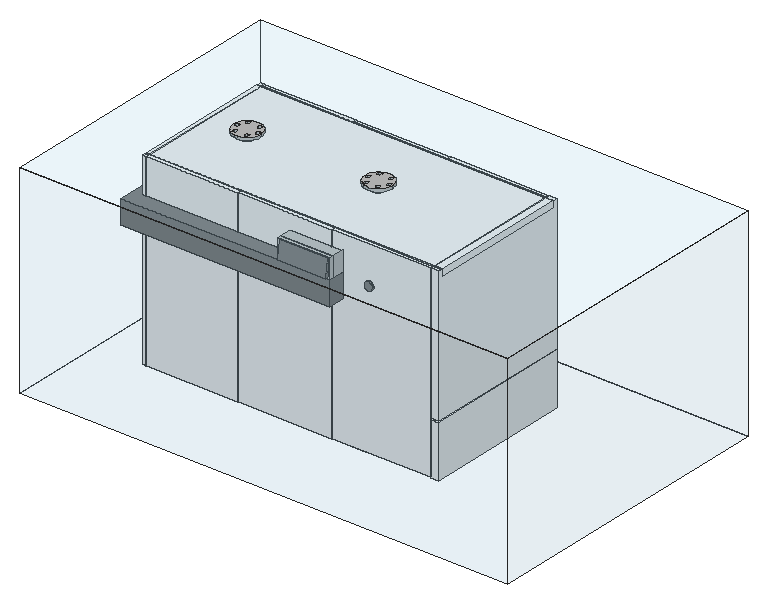
Revit family "VIESSMANN - Vitocrossal 200 CM2", category Wyposażenie mechaniczne, Revit 2017
Family settings
  Wymiar okrągłego złącza = Użyj średnicy
  Typ części = Normalny
  Numer OmniClass = 23.15.30.27.21
  Tytuł OmniClass = Gas Tanks and Gasholders
  Oparty na płaszczyźnie roboczej = Nie
  Zawsze pionowo = Tak
  Tnij formami wycięć po wczytaniu = Tak
  Współdzielony = Nie
  Punkt obliczania pomieszczeń = Nie
Parameters (values of type "CM2 400kW")
  Wysokość = 1480 mm
  Wykonanie palnika = "Wbudowany Modulowany"  # constant formula
  Współczynnik mocy = 1  # constant formula
  Szerokość = 1245 mm
  Strefa serwisowa [instance] = yes
  Odsunięcie spustu = 155 mm
  Wysokość przyłącza spalin = 710 mm
  odsuniecie wyswietlacza = Długość korpusu / 2  # 1082.5 mm
  Odsunięcie powrotu do kotła = 320 mm
  Odsunięcie przyłącza zabezpieczającego = 255 mm
  Odsunięcie RG = 385 mm
  Odsunięcie króćca zasilania = 870 mm
  Napięcie zasilania = 230 V  # constant formula
  Moc cieplna palnika górna = 381 kW
  Moc cieplna palnika dolna = 76 kW
  Liczba biegunów = 1
  Długość = 2230 mm
  Długośc podstawy = 1185 mm
  Długość korpusu = 2165 mm
  Długość całkowita = 2230 mm
  Szerokość całkowita = 1245 mm
  Szerokość podstawy = 910 mm
  Szerokośc korpusu = 1080 mm
  Wysokośc korpusu = 1370 mm
  Wysokośc króćców przyłączeniowych = 1480 mm
  Znamionowe obciążenie cieplne - gaz ziemny = "76 do 381 kW"
  Znamionowe obciążenie cieplne - gaz płynny = "95 do 381 kW"
  Zawór bezpieczeństwa (gwint zewnętrzny) = 1 1/4"  # constant formula
  Zakres znamionowej mocy cieplnej przy Tv/Tr 80/60°C - gaz ziemny = "74 do 370 kW"
  Zakres znamionowej mocy cieplnej przy Tv/Tr 80/60°C - gaz płynny = "93 do 370 kW"
  Zakres znamionowej mocy cieplnej przy Tv/Tr 50/30°C - gaz ziemny = "80 do 400 kW"
  Zakres znamionowej mocy cieplnej przy Tv/Tr 50/30°C - gaz płynny = "100 do 400 kW"
  Wysokość palnika = 540 mm
  Wysokość fundamentu = 100 mm  # constant formula
  Wartości na przyłączu (w odniesieniu do maks. obciążenia) - gaz ziemny GZ41,5/G27 = "9.4 do 46.9 m3/h"
  Wartości na przyłączu (w odniesieniu do maks. obciążenia) - gaz ziemny GZ-50/G20 = "8.1 do 40.4 m3/h"
  Wartości na przyłączu (w odniesieniu do maks. obciążenia) - gaz płynny P/G31 = "7.4 do 29.6 kg/h"
  Viessmann Kolor 3 = Viessmann Kolor 3
  Viessmann Kolor 2 = Viessmann Kolor 2
  Viessmann Kolor 1 = Viessmann Kolor 1
  URL = "https://www.viessmann-projektant.pl/baza-urzadzen/kotly-stojace-sredniej-i-duzej-mocy-70-kw/vitocrossal200cm2"
  Typ palnika = "CM2 - cylindryczny MatriX"  # constant formula
  Szerokość palnika = 565 mm
  Szerokość fundamentu = 1050 mm
  Syfon z odpływem kondensatu = 20.00 mm  # constant formula
  Straty energii dyżurnej qB,70 = "0.3 %"  # constant formula
  Spust = 1"  # constant formula
  Sprawność znormalizowana przy temperaturze w systemie grzewczym wyn. 75/60°C = "do 95 (Hs) %"  # constant formula
  Sprawność znormalizowana przy temperaturze w systemie grzewczym wyn. 50/30°C = "do 98 (Hs) %"  # constant formula
  Przyłącze spalin = 250 mm  # constant formula
  Przyłącze gazu = 1 1/4"
  Przepływ maksymalny = ((Moc nominalna / 20 W) * 0.864 m³/h) / 1000  # 17.28 m³/h
  Producent = "Viessmann Sp.z.o.o."  # constant formula
  Poziom ciśnienia akustycznego - w rurze spalin (obciążenie pełne) = "114 dB(A)"
  Poziom ciśnienia akustycznego - 1m przed kotłem (obciążenie pełne) = "67 dB(A)"  # constant formula
  Pojemność wodna kotła = 402.0 L
  Pobór mocy elektrycznej - przy górnej mocy cieplnej = 576 W
  Pobór mocy elektrycznej - przy dolnej mocy cieplnej = 69 W
  Parametry spalin - przy znamionowej mocy cieplnej (przy temp. wody na powrocie wyn. 60°C) = 75 °C  # constant formula
  Parametry spalin - przy znamionowej mocy cieplnej (przy temp. wody na powrocie wyn. 30°C) = 45 °C  # constant formula
  Parametry spalin - przy obciążeniu częściowym (przy temp. wody na powrocie wyn. 60°C) = 60 °C  # constant formula
  Parametry spalin - przy obciążeniu częściowym (przy temp. wody na powrocie wyn. 30°C) = 35 °C  # constant formula
  Parametry spalin - masowe natężenie przepływu w przypadku gazu ziemnego przy znamionowej mocy cieplnej = "579 kg/h"
  Parametry spalin - masowe natężenie przepływu w przypadku gazu ziemnego przy obciążeniu częściowym = "116 kg/h"
  Parametry spalin - dyspozycyjne ciśnienie tłoczenia na króćcu spalin = 0.00007 MPa  # constant formula
  PN 6 DN - zasilanie z kotła = 100 mm  # constant formula
  PN 6 DN - powrót do kotła = 100 mm  # constant formula
  Opory przepływu = 0.004 MPa
  Opis indeksowy = "CE-0085BQ0021"  # constant formula
  Opis = "Gazowy kocioł grzewczy"  # constant formula
  Numer identyfikacyjny produktu = "CE-0085BQ0021"  # constant formula
  Mufa R1/2 do dodatkowych regulatorów = 1/2"  # constant formula
  Model = "Gazowy kocioł kondensacyjny Viessmann Vitocrossal 200 CM2 400kW / Gas condensing boiler Viessmann Vitocrossal 200 CM2 400kW"
  Moc nominalna = 400 kW
  Masa całkowita = 597.00 kg
  Masa - palnik z armaturą uniwersalną i pokrywą palnika = 34.00 kg
  Masa - korpus kotła = 446.00 kg
  Maks. ciśnienie na przyłączu gazu ziemnego = 0.005 MPa  # constant formula
  Maks. ciśnienie na przyłączu gazu płynnego = 0.00575 MPa  # constant formula
  Długość palnika = 506 mm  # constant formula
  Długość fundamentu = 1300 mm
  Długość całkowita palnika = 990 mm
  Dop. temperatura robocza = 95 °C  # constant formula
  Dop. temperatura na zasilaniu (=temperatura progowa) = 110 °C  # constant formula
  Dop. ciśnienie robocze = 0.6 MPa  # constant formula
  Częstotliwość = 50 Hz  # constant formula
  Ciśnienie na przyłączu gazu ziemnego = 0.002 MPa  # constant formula
  Ciśnienie na przyłączu gazu płynnego = 0.005 MPa  # constant formula
  Ciśnienie kontrolne = 0.78 MPa  # constant formula
  Autor = "https://www.archispace.pl/"
Types (4, lengths in mm): name | Wysokość | Szerokość | Wysokość przyłącza spalin | odsuniecie wyswietlacza | Odsunięcie powrotu do kotła | Odsunięcie przyłącza zabezpieczającego | Odsunięcie RG | Odsunięcie króćca zasilania | Moc cieplna palnika górna | Moc cieplna palnika dolna | Długość | Długośc podstawy | Długość korpusu | Długość całkowita | Szerokość całkowita | Szerokość podstawy | Szerokośc korpusu | Wysokośc korpusu | Wysokośc króćców przyłączeniowych | Znamionowe obciążenie cieplne - gaz ziemny | Znamionowe obciążenie cieplne - gaz płynny | Zakres znamionowej mocy cieplnej przy Tv/Tr 80/60°C - gaz ziemny | Zakres znamionowej mocy cieplnej przy Tv/Tr 80/60°C - gaz płynny | Zakres znamionowej mocy cieplnej przy Tv/Tr 50/30°C - gaz ziemny | Zakres znamionowej mocy cieplnej przy Tv/Tr 50/30°C - gaz płynny | Wysokość palnika | Wartości na przyłączu (w odniesieniu do maks. obciążenia) - gaz ziemny GZ41,5/G27 | Wartości na przyłączu (w odniesieniu do maks. obciążenia) - gaz ziemny GZ-50/G20 | Wartości na przyłączu (w odniesieniu do maks. obciążenia) - gaz płynny P/G31 | Szerokość palnika | Szerokość fundamentu | Przyłącze gazu | Przepływ maksymalny | Poziom ciśnienia akustycznego - w rurze spalin (obciążenie pełne) | Pojemność wodna kotła | Pobór mocy elektrycznej - przy górnej mocy cieplnej | Pobór mocy elektrycznej - przy dolnej mocy cieplnej | Parametry spalin - masowe natężenie przepływu w przypadku gazu ziemnego przy znamionowej mocy cieplnej | Parametry spalin - masowe natężenie przepływu w przypadku gazu ziemnego przy obciążeniu częściowym | Opory przepływu | Model | Moc nominalna | Masa całkowita | Masa - palnik z armaturą uniwersalną i pokrywą palnika | Masa - korpus kotła | Długość fundamentu | Długość całkowita palnika
  (no name) | 1480 | 1245 | 710 | 1082.5 | 320 | 255 | 385 | 870 | 381 kW | 76 kW | 2230 | 1185 | 2165 | 2230 | 1245 | 910 | 1080 | 1370 | 1480 | "76 do 381 kW" | "95 do 381 kW" | "74 do 370 kW" | "93 do 370 kW" | "80 do 400 kW" | "100 do 400 kW" | 540 | "9.4 do 46.9 m3/h" | "8.1 do 40.4 m3/h" | "7.4 do 29.6 kg/h" | 565 | 1050 | 1 1/4" | 17.28 m³/h | "114 dB(A)" | 402.0 L | 576 W | 69 W | "579 kg/h" | "116 kg/h" | 0.004 MPa | "Gazowy kocioł kondensacyjny Viessmann Vitocrossal 200 CM2 400kW / Gas condensing boiler Viessmann Vitocrossal 200 CM2 400kW" | 400 kW | 597.00 kg | 34.00 kg | 446.00 kg | 1300 | 990
  CM2 500kW | 1510 | 1245 | 710 | 1160 | 370 | 310 | 435 | 870 | 474 kW | 95 kW | 2385 | 1345 | 2320 | 2385 | 1245 | 910 | 1080 | 1370 | 1510 | "95 do 474 kW" | "119 do 474 kW" | "92 do 460 kW" | "115 do 460 kW" | "100 do 500 kW" | "125 do 500 kW" | 622 | "11.7 do 58.3 m3/h" | "10.0 do 50.2 m3/h" | "9.2 do 36.8 kg/h" | 620 | 1050 | 1 1/2" | 21.60 m³/h | "107 dB(A)" | 430.0 L | 655 W | 66 W | "720 kg/h" | "144 kg/h" | 0.006 MPa | "Gazowy kocioł kondensacyjny Viessmann Vitocrossal 200 CM2 500kW / Gas condensing boiler Viessmann Vitocrossal 200 CM2 500kW" | 500 kW | 687.00 kg | 41.00 kg | 512.00 kg | 1450 | 990
  CM2 620kW | 1580 | 1295 | 735 | 1227.5 | 415 | 350 | 480 | 880 | 593 kW | 119 kW | 2525 | 1475 | 2455 | 2525 | 1295 | 960 | 1130 | 1510 | 1620 | "119 do 593 kW" | "148 do 593 kW" | "115 do 575 kW" | "144 do 575 kW" | "124 do 620 kW" | "155 do 620 kW" | 622 | "14.6 do 72.9 m3/h" | "12.5 do 62.7 m3/h" | "11.5 do 46.1 kg/h" | 620 | 1100 | 1 1/2" | 26.784 m³/h | "109 dB(A)" | 503.0 L | 835 W | 74 W | "901 kg/h" | "181 kg/h" | 0.01 MPa | "Gazowy kocioł kondensacyjny Viessmann Vitocrossal 200 CM2 620kW / Gas condensing boiler Viessmann Vitocrossal 200 CM2 620kW" | 620 kW | 758.00 kg | 42.00 kg | 581.00 kg | 1600 | 1070
  CM2 400kW | 1480 | 1245 | 710 | 1082.5 | 320 | 255 | 385 | 870 | 381 kW | 76 kW | 2230 | 1185 | 2165 | 2230 | 1245 | 910 | 1080 | 1370 | 1480 | "76 do 381 kW" | "95 do 381 kW" | "74 do 370 kW" | "93 do 370 kW" | "80 do 400 kW" | "100 do 400 kW" | 540 | "9.4 do 46.9 m3/h" | "8.1 do 40.4 m3/h" | "7.4 do 29.6 kg/h" | 565 | 1050 | 1 1/4" | 17.28 m³/h | "114 dB(A)" | 402.0 L | 576 W | 69 W | "579 kg/h" | "116 kg/h" | 0.004 MPa | "Gazowy kocioł kondensacyjny Viessmann Vitocrossal 200 CM2 400kW / Gas condensing boiler Viessmann Vitocrossal 200 CM2 400kW" | 400 kW | 597.00 kg | 34.00 kg | 446.00 kg | 1300 | 990
Reference planes
  plane 1 "Środek (Przód/Tył)": y = 0
  plane 2: z = 0
  plane 3 "Środek (Lewa/Prawa)": x = 0
  plane 4: x = -2165
  plane 5: x = -2230
  plane 6: z = 1430
  plane 7: z = 1480
  plane 8: x = -600
  plane 9: x = -1785
  plane 10: z = 60
  plane 11: x = -870
  plane 12: x = -1255
  plane 13: x = -1510
  plane 14: x = -1830
  plane 15: y = -540
  plane 16: y = 540
  plane 17: y = -455
  plane 18: y = 455
  plane 19: y = -707
  plane 20: x = -702.5
  plane 21: x = -1082.5
  plane 22: z = 710
  plane 23: x = 1000
  plane 24: y = -1157
  plane 25: x = -2565
  plane 26: y = 1040
Forms (mm)
  Extrusion 1, solid, material "Viessmann Kolor 3" <- "Viessmann Kolor 3", detail levels fine
    sketch origin (0, 0, 0) x (1, 0, 0) y (0, 0, 1)
      loop
        line (-600, 60) -> (-1785, 60) -> (-1785, 0) -> (-600, 0) -> (-600, 60)
    from -455 to 455
  Extrusion 2, solid, material "Viessmann Kolor 1" <- "Viessmann Kolor 1", detail levels fine
    sketch origin (0, 0, 0) x (1, 0, 0) y (0, 0, 1)
      loop
        line (0, 1430) -> (-2165, 1430) -> (-2165, 60) -> (0, 60) -> (0, 1430)
    from -540 to 540
  Extrusion 3, solid, material "Viessmann Kolor 2" <- "Viessmann Kolor 2", detail levels medium+fine
    sketch origin (0, 0, 0) x (0, 1, 0) y (0, 0, 1)
      loop
        line (-540, 1320.817) -> (-627, 1320.817) -> (-627, 1180) -> (-540, 1180) -> (-540, 1320.817)
    from -1082.5 to -702.5
  Extrusion 4, solid, material "Viessmann Kolor 2" <- "Viessmann Kolor 2", detail levels fine
    sketch origin (0, 0, 0) x (0, 1, 0) y (0, 0, 1)
      loop
        line (-627, 1320.817) -> (-657, 1320.817) -> (-657, 1180) -> (-627, 1180) -> (-627, 1320.817)
    from -1082.5 to -702.5
  Extrusion 5, solid, material "Viessmann Kolor 3" <- "Viessmann Kolor 3", detail levels fine
    sketch origin (0, 0, 0) x (0, 1, 0) y (0, 0, 1)
      loop
        line (-657, 1318.461) -> (-675.093, 1189.727) -> (-657, 1189.727) -> (-657, 1318.461)
    from -1066.783 to -718.217
  Extrusion 6, solid, material "Viessmann Kolor 3" <- "Viessmann Kolor 3", detail levels medium+fine
    sketch origin (0, 0, 0) x (0, 1, 0) y (0, 0, 1)
      loop
        line (-540, 1175) -> (-657, 1175) -> (-657, 1000) -> (-540, 1000) -> (-540, 1175)
    from -2230 to -702.5
  Extrusion 7, solid, material "Viessmann Kolor 3" <- "Viessmann Kolor 3", detail levels medium+fine
    sketch origin (0, 0, 0) x (0, 1, 0) y (0, 0, 1)
      loop
        line (-657, 1175) -> (-657, 1000) -> (0, 1000) -> (0, 1175) -> (-657, 1175)
    from -2230 to -2165
  Sweep 8, void
    path origin (0, 0, 0) x (1, 0, 0) y (0, 0, 1)
      loop
        line (-340, 1430) -> (-340, 60)
    profile origin (-340, 0, 745) x (0, -1, 0) y (1, 0, 0)
      loop
        line (540, 285.34) -> (515, 285.34) -> (515, 280.34) -> (540, 280.34) -> (540, 285.34)
      loop
        line (-540, 285.34) -> (-540, 280.34) -> (-515, 280.34) -> (-515, 285.34) -> (-540, 285.34)
      loop
        line (540, -434.66) -> (515, -434.66) -> (515, -439.66) -> (540, -439.66) -> (540, -434.66)
      loop
        line (540, -1123.75) -> (515, -1123.75) -> (515, -1128.75) -> (540, -1128.75) -> (540, -1123.75)
      loop
        line (-540, -434.66) -> (-540, -439.66) -> (-515, -439.66) -> (-515, -434.66) -> (-540, -434.66)
      loop
        line (-540, -1794.66) -> (-540, -1799.66) -> (-515, -1799.66) -> (-515, -1794.66) -> (-540, -1794.66)
      loop
        line (540, -1794.66) -> (515, -1794.66) -> (515, -1799.66) -> (540, -1799.66) -> (540, -1794.66)
      loop
        line (-540, -1123.75) -> (-540, -1128.75) -> (-515, -1128.75) -> (-515, -1123.75) -> (-540, -1123.75)
  Sweep 9, void
    path origin (0, 0, 0) x (1, 0, 0) y (0, 1, 0)
      loop
        line (0, 620) -> (-2165, 620)
    profile origin (-1082.5, 620, 0) x (0, -1, 0) y (0, 0, 1)
      loop
        line (105, 1430) -> (105, 1385) -> (115, 1385) -> (115, 1430) -> (105, 1430)
      loop
        line (1135, 1430) -> (1125, 1430) -> (1125, 1385) -> (1135, 1385) -> (1135, 1430)
  Sweep 10, void
    path origin (0, 0, 0) x (0, 1, 0) y (0, 0, 1)
      loop
        line (-515, 1345.021) -> (515, 1345.021)
    profile origin (0, 0, 1345.021) x (0, 0, 1) y (1, 0, 0)
      loop
        line (39.979, 0) -> (34.979, 0) -> (34.979, -15) -> (39.979, -15) -> (39.979, 0)
      loop
        line (39.979, -2150) -> (34.979, -2150) -> (34.979, -2165) -> (39.979, -2165) -> (39.979, -2150)
  Extrusion 11, void
    sketch origin (0, 0, 0) x (0, 1, 0) y (0, 0, 1)
      loop
        line (-540, 448.997) -> (-540, 439.116) -> (540, 439.116) -> (540, 448.997) -> (-540, 448.997)
    from -59.66 to 0
  Extrusion 12, solid, material "Viessmann Kolor 2" <- "Viessmann Kolor 2"
    sketch origin (0, 0, 0) x (0, 1, 0) y (0, 0, 1)
      loop
        circle (0, 710) r 125
    from -2230 to -2165
  Extrusion 13, solid, material "Viessmann Kolor 2" <- "Viessmann Kolor 2", detail levels medium+fine
    sketch origin (0, 0, 0) x (0, 1, 0) y (0, 0, 1)
      loop
        circle (0, 710) r 140
    from -2230 to -2207.468
  Extrusion 14, solid, not visible
    sketch origin (0, 0, 0) x (0, 1, 0) y (0, 0, 1)
      loop
        circle (0, 230) r 10
      loop
        circle (-100, 155) r 12.7
    from -2165 to -2152.48
  Sweep 15, solid, material "Viessmann Kolor 2" <- "Viessmann Kolor 2", detail levels medium+fine
    path origin (0, 0, 0) x (1, 0, 0) y (0, 0, 1)
      loop
        line (-870, 1430) -> (-870, 1480)
    profile origin (-870, 0, 1455) x (-1, 0, 0) y (0, -1, 0)
      loop
        circle (0, 0) r 50
      loop
        circle (960, 0) r 50
  Sweep 16, solid, not visible
    path origin (0, 0, 0) x (1, 0, 0) y (0, 0, 1)
      loop
        line (-1255, 1395) -> (-1255, 1430)
    profile origin (-1255, 0, 1412.5) x (-1, 0, 0) y (0, -1, 0)
      loop
        circle (0, 0) r 6.35
      loop
        circle (-172.5, 0) r 15.875
  Extrusion 17, solid, material "Viessmann Kolor 2" <- "Viessmann Kolor 2", detail levels medium+fine
    sketch origin (0, 0, 0) x (1, 0, 0) y (0, 1, 0)
      loop
        circle (-1830, 0) r 100
      loop
        circle (-870, 0) r 100
      loop
        circle (-1873.057, 64.046) r 15
      loop
        circle (-1786.778, 61.347) r 15
      loop
        circle (-1868.705, -60.659) r 15
      loop
        circle (-1785.979, -59.392) r 15
      loop
        circle (-1751.328, 0.414) r 15
      loop
        circle (-1905.802, 0.047) r 15
      loop
        circle (-913.057, 64.046) r 15
      loop
        circle (-826.778, 61.347) r 15
      loop
        circle (-908.705, -60.659) r 15
      loop
        circle (-825.979, -59.392) r 15
      loop
        circle (-791.328, 0.414) r 15
      loop
        circle (-945.802, 0.047) r 15
    from 1463.472 to 1480
  Extrusion 18, solid, material "Viessmann Kolor 3" <- "Viessmann Kolor 3", detail levels medium
    sketch origin (0, 0, 0) x (0, 1, 0) y (0, 0, 1)
      loop
        line (-540, 60) -> (-540, 0) -> (540, 0) -> (540, 60) -> (-540, 60)
    from -2165 to 0
  Sweep 19, void
    path origin (0, 0, 0) x (1, 0, 0) y (0, 1, 0)
      loop
        line (-2130, 515) -> (-2130, -505)
    profile origin (-2130, 5, 0) x (1, 0, 0) y (0, 0, 1)
      loop
        line (2070.34, 1430) -> (2070.34, 1385) -> (2075.34, 1385) -> (2075.34, 1430) -> (2070.34, 1430)
      loop
        line (-9.66, 1430) -> (-9.66, 1385) -> (-4.66, 1385) -> (-4.66, 1430) -> (-9.66, 1430)
  Extrusion 20, solid, material "Viessmann Kolor 1" <- "Viessmann Kolor 1", detail levels medium
    sketch origin (0, 0, 0) x (0, 1, 0) y (0, 0, 1)
      loop
        line (-540, 1430) -> (-540, 60) -> (540, 60) -> (540, 1430) -> (-540, 1430)
    from -2165 to 0
  Extrusion 21, solid, material "Viessmann Kolor 1" <- "Viessmann Kolor 1", detail levels coarse
    sketch origin (0, 0, 0) x (0, 1, 0) y (0, 0, 1)
      loop
        line (-657, 1430) -> (-657, 0) -> (540, 0) -> (540, 1430) -> (-657, 1430)
    from -2165 to 0
  Extrusion 22, solid, material "Viessmann Kolor 3" <- "Viessmann Kolor 3", detail levels medium+fine
    sketch origin (0, 0, 0) x (1, 0, 0) y (0, 0, 1)
      loop
        circle (-413.044, 1240.659) r 30
    from 657 to 663.832
  Extrusion 23, solid, material "Viessmann Strefy Serwisowe", visible <- "Strefa serwisowa"
    sketch origin (0, 0, 0) x (1, 0, 0) y (0, 1, 0)
      loop
        line (-2565, 1040) -> (-2565, -1157) -> (1000, -1157) -> (1000, 1040) -> (-2565, 1040)
    from 0 to 1480
  Extrusion 24, solid, material "Viessmann Kolor 2" <- "Viessmann Kolor 2", detail levels coarse
    sketch origin (0, 0, 0) x (1, 0, 0) y (0, 1, 0)
      loop
        circle (-1830, 0) r 100
    from 1430 to 1480
  Extrusion 25, solid, material "Viessmann Kolor 2" <- "Viessmann Kolor 2", detail levels coarse
    sketch origin (-2510, 0, 0) x (-1, 0, 0) y (0, -1, 0)
      loop
        circle (-1640, 0) r 100
    from 1430 to 1480
Cuts and joins
  Sweep 8, Sweep 9, Sweep 10, Extrusion 11, Sweep 19 cuts Extrusion 2
  joined: Extrusion 6, Extrusion 7
  joined: Sweep 15, Extrusion 17
Dimensions and locks
  locked: plane 3 "Środek (Lewa/Prawa)" to plane 8 at 600
  "Długośc podstawy": plane 9 to plane 8
  locked: level to plane 10 at 60
  "Długość korpusu": plane 3 "Środek (Lewa/Prawa)" to plane 4
  "Długość całkowita": plane 3 "Środek (Lewa/Prawa)" to plane 5
  "Wysokośc króćców przyłączeniowych": level to plane 7
  "Wysokośc korpusu": plane 10 to plane 6
  "Odsunięcie króćca zasilania": plane 3 "Środek (Lewa/Prawa)" to plane 11
  "Odsunięcie RG": plane 12 to plane 11
  "Odsunięcie przyłącza zabezpieczającego": plane 13 to plane 12
  "Odsunięcie powrotu do kotła": plane 14 to plane 13
  equal spacing: plane 17, plane 1 "Środek (Przód/Tył)", plane 18
  "Szerokość podstawy": plane 17 to plane 18
  equal spacing: plane 15, plane 1 "Środek (Przód/Tył)", plane 16
  "Szerokośc korpusu": plane 15 to plane 16
  locked: plane 19 to plane 15 at 167
  locked: Extrusion 3 sketch curve to Extrusion 3 sketch curve at 87
  locked: plane 21 to plane 20 at 380
  locked: Extrusion 4 sketch curve to Extrusion 3 at 30
  locked: Extrusion 5 to plane 20 at 15.717
  locked: plane 21 to Extrusion 5 at 15.717
  "odsuniecie wyswietlacza": plane 4 to plane 21
  locked: Extrusion 6 sketch curve to Extrusion 6 sketch curve at 117
  Sweep 8 sketch curve to Sweep 8 sketch curve to plane 16 = 25 mm locked, 0 mm locked  (x4)
  Sweep 8 sketch curve to plane 15 to Sweep 8 sketch curve = 0 mm locked, 25 mm locked  (x4)
  locked: Sweep 9 sketch curve to Sweep 9 sketch curve at 10  (x2)
  locked: Sweep 10 sketch curve to Sweep 10 sketch curve at 15  (x2)
  locked: Extrusion 11 to Extrusion 11 at 9.881
  "Wysokość przyłącza spalin": plane 22 to level
  locked: Extrusion 13 to plane 5 at 22.532
  locked: Extrusion 14 sketch curve to level at 230
  "Odsunięcie spustu": Extrusion 14 sketch curve to level
  plane 1 "Środek (Przód/Tył)" to Extrusion 14 sketch curve = 100 mm
  locked: Extrusion 14 to Extrusion 14 at 12.52
  locked: Sweep 16 sketch curve to Sweep 16 sketch curve at 35
  locked: Extrusion 17 to plane 7 at 16.528
  plane 4 to Sweep 8 sketch curve to Sweep 8 sketch curve = 25.34 mm locked, 5 mm locked  (x2)
  locked: Extrusion 22 to Extrusion 22 at 6.832
  locked: plane 26 to plane 16 at 500
  plane 24 to Extrusion 21 = 500 mm
  locked: plane 25 to plane 4 at 400
  locked: plane 3 "Środek (Lewa/Prawa)" to plane 23 at 1000
  "Przyłącze spalin": diameter of Extrusion 12 sketch curve
  "Syfon z odpływem kondensatu": diameter of Extrusion 14 sketch curve
  "Spust": diameter of Extrusion 14 sketch curve
  "PN 6 DN - zasilanie z kotła": diameter of Sweep 15 sketch curve
  "PN 6 DN - powrót do kotła": diameter of Sweep 15 sketch curve
  "Mufa R1/2 do dodatkowych regulatorów": diameter of Sweep 16 sketch curve
  "Zawór bezpieczeństwa (gwint zewnętrzny)": diameter of Sweep 16 sketch curve
  aligned and locked: level to plane 2
  aligned and locked: plane 8 to Extrusion 1 sketch curve
  aligned and locked: Extrusion 1 sketch curve to plane 10
  aligned and locked: Extrusion 1 sketch curve to plane 9
  aligned and locked: Extrusion 1 sketch curve to level
  aligned and locked: Extrusion 1 to plane 17
  aligned and locked: plane 18 to Extrusion 1
  aligned and locked: Extrusion 2 sketch curve to plane 3 "Środek (Lewa/Prawa)"
  aligned and locked: Extrusion 2 sketch curve to plane 4
  aligned and locked: Extrusion 2 sketch curve to plane 6
  aligned and locked: Extrusion 2 sketch curve to plane 10
  aligned and locked: plane 16 to Extrusion 2
  aligned and locked: Extrusion 2 to plane 15
  aligned and locked: plane 15 to Extrusion 3 sketch curve
  aligned and locked: Extrusion 3 to plane 20
  aligned and locked: plane 21 to Extrusion 3
  aligned and locked: Extrusion 3 to Extrusion 4 sketch curve
  aligned and locked: Extrusion 4 sketch curve to Extrusion 3
  aligned and locked: plane 21 to Extrusion 4
  aligned and locked: Extrusion 4 to plane 20
  aligned and locked: Extrusion 5 sketch curve to Extrusion 4
  aligned and locked: plane 15 to Extrusion 6 sketch curve
  aligned and locked: plane 5 to Extrusion 6
  aligned and locked: Extrusion 6 to plane 20
  aligned and locked: Extrusion 7 sketch curve to plane 1 "Środek (Przód/Tył)"
  aligned and locked: Extrusion 7 sketch curve to Extrusion 6  (x2)
  aligned and locked: Extrusion 6 to Extrusion 7 sketch curve
  aligned and locked: plane 5 to Extrusion 7
  aligned and locked: Extrusion 7 to plane 4
  aligned and locked: plane 6 to Sweep 8 sketch curve
  aligned and locked: plane 10 to Sweep 8 sketch curve
  aligned and locked: plane 4 to Sweep 9 sketch curve
  aligned and locked: plane 3 "Środek (Lewa/Prawa)" to Sweep 9 sketch curve
  aligned and locked: plane 6 to Sweep 9 sketch curve
  aligned and locked: Sweep 9 sketch curve to Sweep 8
  aligned and locked: Sweep 9 sketch curve to plane 6
  aligned and locked: Sweep 8 to Sweep 9 sketch curve
  aligned and locked: Sweep 10 sketch curve to Sweep 9  (x2)
  aligned and locked: profile plane to Sweep 10 sketch curve
  aligned and locked: plane 4 to Sweep 10 sketch curve
  aligned and locked: Sweep 8 to Sweep 10 sketch curve
  aligned and locked: Sweep 10 sketch curve to Sweep 8
  aligned and locked: Extrusion 11 sketch curve to Extrusion 2  (x2)
  aligned and locked: Sweep 8 to Extrusion 11
  aligned and locked: plane 3 "Środek (Lewa/Prawa)" to Extrusion 11
  aligned and locked: plane 1 "Środek (Przód/Tył)" to Extrusion 12 sketch curve
  aligned and locked: plane 22 to Extrusion 12 sketch curve
  aligned and locked: plane 5 to Extrusion 12
  aligned and locked: Extrusion 12 to plane 4
  aligned and locked: plane 22 to Extrusion 13 sketch curve
  aligned and locked: plane 1 "Środek (Przód/Tył)" to Extrusion 13 sketch curve
  aligned and locked: plane 5 to Extrusion 13
  aligned and locked: plane 1 "Środek (Przód/Tył)" to Extrusion 14 sketch curve
  aligned and locked: plane 4 to Extrusion 14
  aligned and locked: plane 7 to Sweep 15 sketch curve
  aligned and locked: plane 6 to Sweep 15 sketch curve
  aligned and locked: plane 11 to Sweep 15 sketch curve
  aligned and locked: plane 1 "Środek (Przód/Tył)" to Sweep 15 sketch curve  (x2)
  aligned and locked: plane 14 to Sweep 15 sketch curve
  aligned and locked: plane 6 to Sweep 16 sketch curve
  aligned and locked: plane 1 "Środek (Przód/Tył)" to Sweep 16 sketch curve  (x2)
  aligned and locked: plane 12 to Sweep 16 sketch curve
  aligned and locked: plane 21 to Sweep 16 sketch curve
  aligned and locked: plane 11 to Extrusion 17 sketch curve
  aligned and locked: plane 1 "Środek (Przód/Tył)" to Extrusion 17 sketch curve  (x2)
  aligned and locked: plane 14 to Extrusion 17 sketch curve
  aligned and locked: plane 7 to Extrusion 17
  aligned and locked: Extrusion 18 sketch curve to plane 10
  aligned and locked: plane 15 to Extrusion 18 sketch curve
  aligned and locked: level to Extrusion 18 sketch curve
  aligned and locked: Extrusion 18 sketch curve to plane 16
  aligned and locked: plane 4 to Extrusion 18
  aligned and locked: plane 3 "Środek (Lewa/Prawa)" to Extrusion 18
  aligned and locked: Sweep 9 to Sweep 19 sketch curve  (x2)
  aligned and locked: Sweep 8 to Sweep 19 sketch curve  (x2)
  aligned and locked: Sweep 19 sketch curve to Sweep 8  (x4)
  aligned and locked: Sweep 19 sketch curve to Sweep 9  (x2)
  aligned and locked: plane 15 to Extrusion 20 sketch curve
  aligned and locked: Extrusion 20 sketch curve to plane 6
  aligned and locked: Extrusion 20 sketch curve to plane 16
  aligned and locked: plane 10 to Extrusion 20 sketch curve
  aligned and locked: plane 4 to Extrusion 20
  aligned and locked: plane 3 "Środek (Lewa/Prawa)" to Extrusion 20
  aligned and locked: Extrusion 21 sketch curve to Extrusion 4
  aligned and locked: Extrusion 21 sketch curve to plane 6
  aligned and locked: Extrusion 21 sketch curve to plane 16
  aligned and locked: level to Extrusion 21 sketch curve
  aligned and locked: plane 4 to Extrusion 21
  aligned and locked: plane 3 "Środek (Lewa/Prawa)" to Extrusion 21
  aligned and locked: Extrusion 22 to Extrusion 4
  aligned and locked: Extrusion 23 sketch curve to plane 26
  aligned and locked: plane 25 to Extrusion 23 sketch curve
  aligned and locked: Extrusion 23 sketch curve to plane 24
  aligned and locked: Extrusion 23 sketch curve to plane 23
  aligned and locked: plane 7 to Extrusion 23
  aligned and locked: plane 14 to Extrusion 24 sketch curve
  aligned and locked: plane 1 "Środek (Przód/Tył)" to Extrusion 24 sketch curve
  aligned and locked: Extrusion 24 to Sweep 16
  aligned and locked: cut or joined group of Sweep 15, Extrusion 17 to Extrusion 24
  aligned and locked: plane 11 to Extrusion 25 sketch curve
  aligned and locked: plane 1 "Środek (Przód/Tył)" to Extrusion 25 sketch curve
  aligned and locked: plane 7 to Extrusion 25
  aligned and locked: Extrusion 25 to plane 6
Automatic sketch dimensions
  Extrusion 3 sketch curve to plane 6 = 250 mm
  Extrusion 3 sketch curve to plane 6 = 109.183 mm
  Extrusion 4 sketch curve to Extrusion 4 sketch curve = 30 mm
  Extrusion 5 sketch curve to Extrusion 5 sketch curve = 18.093 mm
  Extrusion 5 sketch curve to plane 6 = 240.273 mm
  Extrusion 5 sketch curve to plane 6 = 111.539 mm
  plane 22 to Extrusion 6 sketch curve = 290 mm
  Extrusion 6 sketch curve to Extrusion 6 sketch curve = 175 mm
  Sweep 8 sketch curve to plane 8 = 260 mm
  Sweep 8 sketch curve to Sweep 8 sketch curve = 665.91 mm  (x2)
  Sweep 8 sketch curve to Sweep 8 sketch curve = 5 mm  (x6)
  profile plane to Sweep 8 sketch curve = 439.66 mm  (x2)
  Sweep 8 sketch curve to profile plane = 280.34 mm  (x2)
  plane 16 to Sweep 9 sketch curve = 80 mm
  Sweep 9 sketch curve to Sweep 9 sketch curve = 45 mm  (x2)
  Sweep 10 sketch curve to plane 6 = 84.979 mm
  Sweep 10 sketch curve to Sweep 10 sketch curve = 5 mm  (x2)
  Extrusion 11 sketch curve to plane 22 = 270.884 mm
  Extrusion 11 sketch curve to Extrusion 11 sketch curve = 9.881 mm
  plane 11 to Sweep 15 sketch curve = 0 mm
  plane 12 to Sweep 16 sketch curve = 0 mm
  plane 14 to Extrusion 17 sketch curve = 38.705 mm
  plane 14 to Extrusion 17 sketch curve = 43.057 mm
  Extrusion 17 sketch curve to plane 1 "Środek (Przód/Tył)" = 0.047 mm  (x2)
  Extrusion 17 sketch curve to Extrusion 17 sketch curve = 37.097 mm
  plane 9 to Extrusion 17 sketch curve = 1.778 mm
  plane 9 to Extrusion 17 sketch curve = 0.979 mm
  Extrusion 17 sketch curve to plane 1 "Środek (Przód/Tył)" = 0.414 mm  (x2)
  Extrusion 17 sketch curve to plane 9 = 33.672 mm
  plane 11 to Extrusion 17 sketch curve = 75.802 mm
  plane 11 to Extrusion 17 sketch curve = 43.057 mm
  plane 11 to Extrusion 17 sketch curve = 38.705 mm
  Extrusion 17 sketch curve to plane 11 = 43.222 mm
  Extrusion 17 sketch curve to plane 11 = 44.021 mm
  Extrusion 17 sketch curve to Extrusion 17 sketch curve = 34.651 mm
  plane 1 "Środek (Przód/Tył)" to Extrusion 17 sketch curve = 59.392 mm  (x2)
  plane 1 "Środek (Przód/Tył)" to Extrusion 17 sketch curve = 60.659 mm  (x2)
  Extrusion 17 sketch curve to plane 1 "Środek (Przód/Tył)" = 61.347 mm  (x2)
  Extrusion 17 sketch curve to plane 1 "Środek (Przód/Tył)" = 64.046 mm  (x2)
  Sweep 19 sketch curve to plane 4 = 35 mm
  Extrusion 22 sketch curve to plane 8 = 186.956 mm
  plane 14 to Extrusion 24 sketch curve = 100 mm
  Extrusion 25 sketch curve to plane 8 = 170 mm
  Extrusion 22 sketch curve to plane 6 = 189.341 mm
  radius of Extrusion 13 sketch curve = 140 mm
  radius of Extrusion 17 sketch curve = 100 mm  (x2)
  radius of Extrusion 17 sketch curve = 15 mm  (x12)
  radius of Extrusion 22 sketch curve = 30 mm
Connectors
  piping at (-1255, 0, 1430), diameter 31.75, driven by "Zawór bezpieczeństwa (gwint zewnętrzny)"
    settings: on Sweep 16, index 1, connector inside diameter 24", connector length 0 mm, flow factor 0, pipe flow 0.00 m³/h, pressure drop 0.0 MPa, fitting loss kfactor 0, connector angle 0.00°, fixture units 0, engagement length 0 mm, angle of deflection 0.00°, flow configuration 0, flow direction 0, fitting loss method 0, system type 28, joint type 0, gender type 0, connector reference index -1, connector utility 0, adjustable connector no, is connector primary yes, connector description ""
  piping at (-1082.5, 0, 1430), diameter 12.7, driven by "Mufa R1/2 do dodatkowych regulatorów"
    settings: on Sweep 16, index 2, connector inside diameter 24", connector length 0 mm, flow factor 0, pipe flow 0.00 m³/h, pressure drop 0.0 MPa, fitting loss kfactor 0, connector angle 0.00°, fixture units 0, engagement length 0 mm, angle of deflection 0.00°, flow configuration 0, flow direction 0, fitting loss method 0, system type 28, joint type 0, gender type 0, connector reference index -1, connector utility 0, adjustable connector no, is connector primary no, connector description ""
  piping at (-1830, 0, 1480), diameter 100, driven by "Przepływ maksymalny", driven by "PN 6 DN - powrót do kotła", driven by "Opory przepływu"
    settings: on cut or joined group of Sweep 15, Extrusion 17, index 3, connector inside diameter 24", connector length 0 mm, flow factor 0, pipe flow 17.28 m³/h, pressure drop 0.004 MPa, fitting loss kfactor 0, connector angle 0.00°, fixture units 0, engagement length 0 mm, angle of deflection 0.00°, flow configuration 0, flow direction 1, fitting loss method 4, system type 8, joint type 0, gender type 0, connector reference index -1, connector utility 0, adjustable connector no, is connector primary no, connector description ""
  piping at (-870, 0, 1480), diameter 100, driven by "PN 6 DN - zasilanie z kotła", driven by "Przepływ maksymalny", driven by "Opory przepływu"
    settings: on cut or joined group of Sweep 15, Extrusion 17, index 4, connector inside diameter 24", connector length 0 mm, flow factor 0, pipe flow 17.28 m³/h, pressure drop 0.004 MPa, fitting loss kfactor 0, connector angle 0.00°, fixture units 0, engagement length 0 mm, angle of deflection 0.00°, flow configuration 0, flow direction 2, fitting loss method 4, system type 7, joint type 0, gender type 0, connector reference index -1, connector utility 0, adjustable connector no, is connector primary no, connector description ""
  piping at (-2165, 0, 230), diameter 20, driven by "Syfon z odpływem kondensatu"
    settings: on Extrusion 14, index 5, connector inside diameter 24", connector length 0 mm, flow factor 0, pipe flow 0.00 m³/h, pressure drop 0.0 MPa, fitting loss kfactor 0, connector angle 0.00°, fixture units 0, engagement length 0 mm, angle of deflection 0.00°, flow configuration 0, flow direction 0, fitting loss method 0, system type 28, joint type 0, gender type 0, connector reference index -1, connector utility 0, adjustable connector no, is connector primary no, connector description ""
  piping at (-2165, -100, 155), diameter 25.4, driven by "Spust"
    settings: on Extrusion 14, index 6, connector inside diameter 24", connector length 0 mm, flow factor 0, pipe flow 0.00 m³/h, pressure drop 0.0 MPa, fitting loss kfactor 0, connector angle 0.00°, fixture units 0, engagement length 0 mm, angle of deflection 0.00°, flow configuration 0, flow direction 0, fitting loss method 0, system type 28, joint type 0, gender type 0, connector reference index -1, connector utility 0, adjustable connector no, is connector primary no, connector description ""
  electrical at (-413.044, -663.832, 1240.659), driven by "Liczba biegunów", driven by "Napięcie zasilania", driven by "Współczynnik mocy", driven by "Pobór mocy elektrycznej - przy górnej mocy cieplnej"
    settings: on Extrusion 22, index 8, voltage 230 V, apparent load 576 VA, apparent load phase1 0 VA, apparent load phase2 0 VA, apparent load phase3 0 VA, power factor 1, load classification "Zasilanie", number of poles 1, system type 30, power factor state 1, is connector primary yes, connector utility no, sub classification motor no, connector description ""
